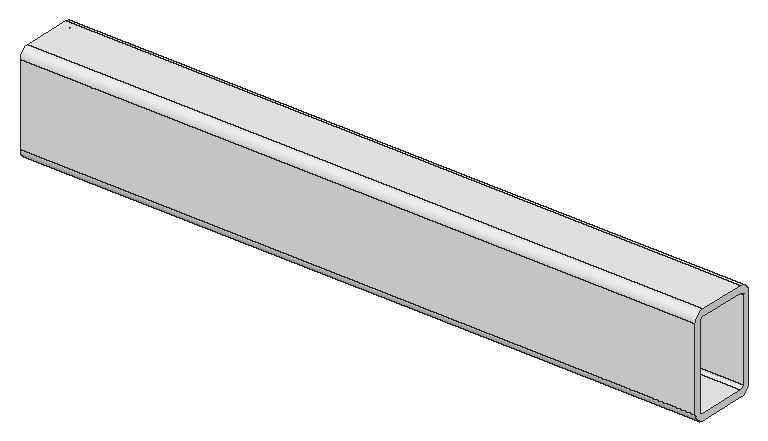
Revit family "CRV - Cortes retangulares vazados (sem emenda)", category Quadro estrutural, Revit 2019 (continued)
Types in the file's own list only (651): name | ro | t | ri | W | d | b | A
  RHS 260x180x8.8 | 13 mm | 9 mm | 4 mm | 0.05736 | 260 mm | 180 mm | 0.00 m²
  RHS 260x180x9.5 | 14 mm | 10 mm | 5 mm | 0.06176 | 260 mm | 180 mm | 0.00 m²
  RHS 260x180x10.3 | 15 mm | 10 mm | 5 mm | 0.06675 | 260 mm | 180 mm | 0.00 m²
  RHS 260x180x11.1 | 17 mm | 11 mm | 6 mm | 0.07172 | 260 mm | 180 mm | 0.00 m²
  RHS 260x180x12.7 | 19 mm | 13 mm | 6 mm | 0.08156 | 260 mm | 180 mm | 0.00 m²
  RHS 260x220x7.1 | 11 mm | 7 mm | 4 mm | 0.05102 | 260 mm | 220 mm | 0.00 m²
  RHS 260x220x8.2 | 12 mm | 8 mm | 4 mm | 0.0587 | 260 mm | 220 mm | 0.00 m²
  RHS 260x220x8.8 | 13 mm | 9 mm | 4 mm | 0.06287 | 260 mm | 220 mm | 0.00 m²
  RHS 260x220x9.5 | 14 mm | 10 mm | 5 mm | 0.06771 | 260 mm | 220 mm | 0.00 m²
  RHS 260x220x10.3 | 15 mm | 10 mm | 5 mm | 0.0732 | 260 mm | 220 mm | 0.00 m²
  RHS 260x220x11.1 | 17 mm | 11 mm | 6 mm | 0.07867 | 260 mm | 220 mm | 0.00 m²
  RHS 260x220x12.7 | 19 mm | 13 mm | 6 mm | 0.08951 | 260 mm | 220 mm | 0.00 m²
  RHS 280x160x7.1 | 11 mm | 7 mm | 4 mm | 0.04657 | 280 mm | 160 mm | 0.00 m²
  RHS 280x160x8.2 | 12 mm | 8 mm | 4 mm | 0.05357 | 280 mm | 160 mm | 0.00 m²
  RHS 280x160x8.8 | 13 mm | 9 mm | 4 mm | 0.05736 | 280 mm | 160 mm | 0.00 m²
  RHS 280x160x9.5 | 14 mm | 10 mm | 5 mm | 0.06176 | 280 mm | 160 mm | 0.00 m²
  RHS 280x160x10.3 | 15 mm | 10 mm | 5 mm | 0.06675 | 280 mm | 160 mm | 0.00 m²
  RHS 280x160x11.1 | 17 mm | 11 mm | 6 mm | 0.07172 | 280 mm | 160 mm | 0.00 m²
  RHS 280x160x12.7 | 19 mm | 13 mm | 6 mm | 0.08156 | 280 mm | 160 mm | 0.00 m²
  RHS 280x200x7.1 | 11 mm | 7 mm | 4 mm | 0.05102 | 280 mm | 200 mm | 0.00 m²
  RHS 280x200x8.2 | 12 mm | 8 mm | 4 mm | 0.0587 | 280 mm | 200 mm | 0.00 m²
  RHS 280x200x8.8 | 13 mm | 9 mm | 4 mm | 0.06287 | 280 mm | 200 mm | 0.00 m²
  RHS 280x200x9.5 | 14 mm | 10 mm | 5 mm | 0.06771 | 280 mm | 200 mm | 0.00 m²
  RHS 280x200x10.3 | 15 mm | 10 mm | 5 mm | 0.0732 | 280 mm | 200 mm | 0.00 m²
  RHS 280x200x11.1 | 17 mm | 11 mm | 6 mm | 0.07867 | 280 mm | 200 mm | 0.00 m²
  RHS 280x200x12.7 | 19 mm | 13 mm | 6 mm | 0.08951 | 280 mm | 200 mm | 0.00 m²
  RHS 280x240x7.1 | 11 mm | 7 mm | 4 mm | 0.05531 | 280 mm | 240 mm | 0.00 m²
  RHS 280x240x8.2 | 12 mm | 8 mm | 4 mm | 0.06366 | 280 mm | 240 mm | 0.00 m²
  RHS 280x240x8.8 | 13 mm | 9 mm | 4 mm | 0.06819 | 280 mm | 240 mm | 0.00 m²
  RHS 280x240x9.5 | 14 mm | 10 mm | 5 mm | 0.07345 | 280 mm | 240 mm | 0.00 m²
  RHS 280x240x10.3 | 15 mm | 10 mm | 5 mm | 0.07943 | 280 mm | 240 mm | 0.00 m²
  RHS 280x240x11.1 | 17 mm | 11 mm | 6 mm | 0.08538 | 280 mm | 240 mm | 0.00 m²
  RHS 280x240x12.7 | 19 mm | 13 mm | 6 mm | 0.09718 | 280 mm | 240 mm | 0.00 m²
  RHS 290x150x7.1 | 11 mm | 7 mm | 4 mm | 0.04657 | 290 mm | 150 mm | 0.00 m²
  RHS 290x150x8.2 | 12 mm | 8 mm | 4 mm | 0.05357 | 290 mm | 150 mm | 0.00 m²
  RHS 290x150x8.8 | 13 mm | 9 mm | 4 mm | 0.05736 | 290 mm | 150 mm | 0.00 m²
  RHS 290x150x9.5 | 14 mm | 10 mm | 5 mm | 0.06176 | 290 mm | 150 mm | 0.00 m²
  RHS 290x150x10.3 | 15 mm | 10 mm | 5 mm | 0.06675 | 290 mm | 150 mm | 0.00 m²
  RHS 290x150x11.1 | 17 mm | 11 mm | 6 mm | 0.07172 | 290 mm | 150 mm | 0.00 m²
  RHS 290x150x12.7 | 19 mm | 13 mm | 6 mm | 0.08156 | 290 mm | 150 mm | 0.00 m²
  RHS 290x190x7.1 | 11 mm | 7 mm | 4 mm | 0.05102 | 290 mm | 190 mm | 0.00 m²
  RHS 290x190x8.2 | 12 mm | 8 mm | 4 mm | 0.0587 | 290 mm | 190 mm | 0.00 m²
  RHS 290x190x8.8 | 13 mm | 9 mm | 4 mm | 0.06287 | 290 mm | 190 mm | 0.00 m²
  RHS 290x190x9.5 | 14 mm | 10 mm | 5 mm | 0.06771 | 290 mm | 190 mm | 0.00 m²
  RHS 290x190x10.3 | 15 mm | 10 mm | 5 mm | 0.0732 | 290 mm | 190 mm | 0.00 m²
  RHS 290x190x11.1 | 17 mm | 11 mm | 6 mm | 0.07867 | 290 mm | 190 mm | 0.00 m²
  RHS 290x190x12.7 | 19 mm | 13 mm | 6 mm | 0.08951 | 290 mm | 190 mm | 0.00 m²
  RHS 290x230x7.1 | 11 mm | 7 mm | 4 mm | 0.05545 | 290 mm | 230 mm | 0.00 m²
  RHS 290x230x8.2 | 12 mm | 8 mm | 4 mm | 0.06382 | 290 mm | 230 mm | 0.00 m²
  RHS 290x230x8.8 | 13 mm | 9 mm | 4 mm | 0.06836 | 290 mm | 230 mm | 0.00 m²
  RHS 290x230x9.5 | 14 mm | 10 mm | 5 mm | 0.07363 | 290 mm | 230 mm | 0.00 m²
  RHS 290x230x10.3 | 15 mm | 10 mm | 5 mm | 0.07963 | 290 mm | 230 mm | 0.00 m²
  RHS 290x230x11.1 | 17 mm | 11 mm | 6 mm | 0.0856 | 290 mm | 230 mm | 0.00 m²
  RHS 290x230x12.7 | 19 mm | 13 mm | 6 mm | 0.09743 | 290 mm | 230 mm | 0.00 m²
  RHS 300x180x7.1 | 11 mm | 7 mm | 4 mm | 0.05102 | 300 mm | 180 mm | 0.00 m²
  RHS 300x180x8.2 | 12 mm | 8 mm | 4 mm | 0.0587 | 300 mm | 180 mm | 0.00 m²
  RHS 300x180x8.8 | 13 mm | 9 mm | 4 mm | 0.06287 | 300 mm | 180 mm | 0.00 m²
  RHS 300x180x9.5 | 14 mm | 10 mm | 5 mm | 0.06771 | 300 mm | 180 mm | 0.00 m²
  RHS 300x180x10.3 | 15 mm | 10 mm | 5 mm | 0.0732 | 300 mm | 180 mm | 0.00 m²
  RHS 300x180x11.1 | 17 mm | 11 mm | 6 mm | 0.07867 | 300 mm | 180 mm | 0.00 m²
  RHS 300x180x12.7 | 19 mm | 13 mm | 6 mm | 0.08951 | 300 mm | 180 mm | 0.00 m²
  RHS 300x220x7.1 | 11 mm | 7 mm | 4 mm | 0.05545 | 300 mm | 220 mm | 0.00 m²
  RHS 300x220x8.2 | 12 mm | 8 mm | 4 mm | 0.06382 | 300 mm | 220 mm | 0.00 m²
  RHS 300x220x8.8 | 13 mm | 9 mm | 4 mm | 0.06836 | 300 mm | 220 mm | 0.00 m²
  RHS 300x220x9.5 | 14 mm | 10 mm | 5 mm | 0.07363 | 300 mm | 220 mm | 0.00 m²
  RHS 300x220x10.3 | 15 mm | 10 mm | 5 mm | 0.07963 | 300 mm | 220 mm | 0.00 m²
  RHS 300x220x11.1 | 17 mm | 11 mm | 6 mm | 0.0856 | 300 mm | 220 mm | 0.00 m²
  RHS 300x220x12.7 | 19 mm | 13 mm | 6 mm | 0.09743 | 300 mm | 220 mm | 0.00 m²
  RHS 300x240x8.2 | 12 mm | 8 mm | 4 mm | 0.06704 | 300 mm | 240 mm | 0.00 m²
  RHS 300x240x8.8 | 13 mm | 9 mm | 4 mm | 0.07181 | 300 mm | 240 mm | 0.00 m²
  RHS 300x240x9.5 | 14 mm | 10 mm | 5 mm | 0.07736 | 300 mm | 240 mm | 0.00 m²
  RHS 300x240x10.3 | 15 mm | 10 mm | 5 mm | 0.08367 | 300 mm | 240 mm | 0.00 m²
  RHS 300x240x11.1 | 17 mm | 11 mm | 6 mm | 0.08995 | 300 mm | 240 mm | 0.00 m²
  RHS 300x240x12.7 | 19 mm | 13 mm | 6 mm | 0.10241 | 300 mm | 240 mm | 0.00 m²
  RHS 310x170x7.1 | 11 mm | 7 mm | 4 mm | 0.05102 | 310 mm | 170 mm | 0.00 m²
  RHS 310x170x8.2 | 12 mm | 8 mm | 4 mm | 0.0587 | 310 mm | 170 mm | 0.00 m²
  RHS 310x170x8.8 | 13 mm | 9 mm | 4 mm | 0.06287 | 310 mm | 170 mm | 0.00 m²
  RHS 310x170x9.5 | 14 mm | 10 mm | 5 mm | 0.06771 | 310 mm | 170 mm | 0.00 m²
  RHS 310x170x10.3 | 15 mm | 10 mm | 5 mm | 0.0732 | 310 mm | 170 mm | 0.00 m²
  RHS 310x170x11.1 | 17 mm | 11 mm | 6 mm | 0.07867 | 310 mm | 170 mm | 0.00 m²
  RHS 310x170x12.7 | 19 mm | 13 mm | 6 mm | 0.08951 | 310 mm | 170 mm | 0.00 m²
  RHS 310x210x7.1 | 11 mm | 7 mm | 4 mm | 0.05545 | 310 mm | 210 mm | 0.00 m²
  RHS 310x210x8.2 | 12 mm | 8 mm | 4 mm | 0.06382 | 310 mm | 210 mm | 0.00 m²
  RHS 310x210x8.8 | 13 mm | 9 mm | 4 mm | 0.06836 | 310 mm | 210 mm | 0.00 m²
  RHS 310x210x9.5 | 14 mm | 10 mm | 5 mm | 0.07363 | 310 mm | 210 mm | 0.00 m²
  RHS 310x210x10.3 | 15 mm | 10 mm | 5 mm | 0.07963 | 310 mm | 210 mm | 0.00 m²
  RHS 310x210x11.1 | 17 mm | 11 mm | 6 mm | 0.0856 | 310 mm | 210 mm | 0.00 m²
  RHS 310x210x12.7 | 19 mm | 13 mm | 6 mm | 0.09743 | 310 mm | 210 mm | 0.00 m²
  RHS 310x230x8.2 | 12 mm | 8 mm | 4 mm | 0.06704 | 310 mm | 230 mm | 0.00 m²
  RHS 310x230x8.8 | 13 mm | 9 mm | 4 mm | 0.07181 | 310 mm | 230 mm | 0.00 m²
  RHS 310x230x9.5 | 14 mm | 10 mm | 5 mm | 0.07736 | 310 mm | 230 mm | 0.00 m²
  RHS 310x230x10.3 | 15 mm | 10 mm | 5 mm | 0.08367 | 310 mm | 230 mm | 0.00 m²
  RHS 310x230x11.1 | 17 mm | 11 mm | 6 mm | 0.08995 | 310 mm | 230 mm | 0.00 m²
  RHS 310x230x12.7 | 19 mm | 13 mm | 6 mm | 0.10241 | 310 mm | 230 mm | 0.00 m²
  RHS 320x200x7.1 | 11 mm | 7 mm | 4 mm | 0.05545 | 320 mm | 200 mm | 0.00 m²
  RHS 320x200x8.2 | 12 mm | 8 mm | 4 mm | 0.06382 | 320 mm | 200 mm | 0.00 m²
  RHS 320x200x8.8 | 13 mm | 9 mm | 4 mm | 0.06836 | 320 mm | 200 mm | 0.00 m²
  RHS 320x200x9.5 | 14 mm | 10 mm | 5 mm | 0.07363 | 320 mm | 200 mm | 0.00 m²
  RHS 320x200x10.3 | 15 mm | 10 mm | 5 mm | 0.07963 | 320 mm | 200 mm | 0.00 m²
  RHS 320x200x11.1 | 17 mm | 11 mm | 6 mm | 0.0856 | 320 mm | 200 mm | 0.00 m²
  RHS 320x200x12.7 | 19 mm | 13 mm | 6 mm | 0.09743 | 320 mm | 200 mm | 0.00 m²
  RHS 320x220x8.2 | 12 mm | 8 mm | 4 mm | 0.06704 | 320 mm | 220 mm | 0.00 m²
  RHS 320x220x8.8 | 13 mm | 9 mm | 4 mm | 0.07181 | 320 mm | 220 mm | 0.00 m²
  RHS 320x220x9.5 | 14 mm | 10 mm | 5 mm | 0.07736 | 320 mm | 220 mm | 0.00 m²
  RHS 320x220x10.3 | 15 mm | 10 mm | 5 mm | 0.08367 | 320 mm | 220 mm | 0.00 m²
  RHS 320x220x11.1 | 17 mm | 11 mm | 6 mm | 0.08995 | 320 mm | 220 mm | 0.00 m²
  RHS 320x220x12.7 | 19 mm | 13 mm | 6 mm | 0.10241 | 320 mm | 220 mm | 0.00 m²
  RHS 320x250x7.1 | 11 mm | 7 mm | 4 mm | 0.06102 | 320 mm | 250 mm | 0.00 m²
  RHS 320x250x8.2 | 12 mm | 8 mm | 4 mm | 0.07025 | 320 mm | 250 mm | 0.00 m²
  RHS 320x250x8.8 | 13 mm | 9 mm | 4 mm | 0.07526 | 320 mm | 250 mm | 0.00 m²
  RHS 320x250x9.5 | 14 mm | 10 mm | 5 mm | 0.08108 | 320 mm | 250 mm | 0.00 m²
  RHS 320x250x10.3 | 15 mm | 10 mm | 5 mm | 0.08771 | 320 mm | 250 mm | 0.00 m²
  RHS 320x250x11.1 | 17 mm | 11 mm | 6 mm | 0.0943 | 320 mm | 250 mm | 0.00 m²
  RHS 320x250x12.7 | 19 mm | 13 mm | 6 mm | 0.10739 | 320 mm | 250 mm | 0.00 m²
  RHS 330x190x7.1 | 11 mm | 7 mm | 4 mm | 0.05545 | 330 mm | 190 mm | 0.00 m²
  RHS 330x190x8.2 | 12 mm | 8 mm | 4 mm | 0.06382 | 330 mm | 190 mm | 0.00 m²
  RHS 330x190x8.8 | 13 mm | 9 mm | 4 mm | 0.06836 | 330 mm | 190 mm | 0.00 m²
  RHS 330x190x9.5 | 14 mm | 10 mm | 5 mm | 0.07363 | 330 mm | 190 mm | 0.00 m²
  RHS 330x190x10.3 | 15 mm | 10 mm | 5 mm | 0.07963 | 330 mm | 190 mm | 0.00 m²
  RHS 330x190x11.1 | 17 mm | 11 mm | 6 mm | 0.0856 | 330 mm | 190 mm | 0.00 m²
  RHS 330x190x12.7 | 19 mm | 13 mm | 6 mm | 0.09743 | 330 mm | 190 mm | 0.00 m²
  RHS 330x210x8.2 | 12 mm | 8 mm | 4 mm | 0.06689 | 330 mm | 210 mm | 0.00 m²
  RHS 330x210x8.8 | 13 mm | 9 mm | 4 mm | 0.07166 | 330 mm | 210 mm | 0.00 m²
  RHS 330x210x9.5 | 14 mm | 10 mm | 5 mm | 0.07719 | 330 mm | 210 mm | 0.00 m²
  RHS 330x210x10.3 | 15 mm | 10 mm | 5 mm | 0.08349 | 330 mm | 210 mm | 0.00 m²
  RHS 330x210x11.1 | 17 mm | 11 mm | 6 mm | 0.08976 | 330 mm | 210 mm | 0.00 m²
  RHS 330x210x12.7 | 19 mm | 13 mm | 6 mm | 0.1022 | 330 mm | 210 mm | 0.00 m²
  RHS 330x240x8.2 | 12 mm | 8 mm | 4 mm | 0.07025 | 330 mm | 240 mm | 0.00 m²
  RHS 330x240x8.8 | 13 mm | 9 mm | 4 mm | 0.07526 | 330 mm | 240 mm | 0.00 m²
  RHS 330x240x9.5 | 14 mm | 10 mm | 5 mm | 0.08108 | 330 mm | 240 mm | 0.00 m²
  RHS 330x240x10.3 | 15 mm | 10 mm | 5 mm | 0.08771 | 330 mm | 240 mm | 0.00 m²
  RHS 330x240x11.1 | 17 mm | 11 mm | 6 mm | 0.0943 | 330 mm | 240 mm | 0.00 m²
  RHS 330x240x12.7 | 19 mm | 13 mm | 6 mm | 0.10739 | 330 mm | 240 mm | 0.00 m²
  RHS 340x200x8.2 | 12 mm | 8 mm | 4 mm | 0.06704 | 340 mm | 200 mm | 0.00 m²
  RHS 340x200x8.8 | 13 mm | 9 mm | 4 mm | 0.07181 | 340 mm | 200 mm | 0.00 m²
  RHS 340x200x9.5 | 14 mm | 10 mm | 5 mm | 0.07736 | 340 mm | 200 mm | 0.00 m²
  RHS 340x200x10.3 | 15 mm | 10 mm | 5 mm | 0.08367 | 340 mm | 200 mm | 0.00 m²
  RHS 340x200x11.1 | 17 mm | 11 mm | 6 mm | 0.08995 | 340 mm | 200 mm | 0.00 m²
  RHS 340x200x12.7 | 19 mm | 13 mm | 6 mm | 0.10241 | 340 mm | 200 mm | 0.00 m²
  RHS 340x230x8.2 | 12 mm | 8 mm | 4 mm | 0.07025 | 340 mm | 230 mm | 0.00 m²
  RHS 340x230x8.8 | 13 mm | 9 mm | 4 mm | 0.07526 | 340 mm | 230 mm | 0.00 m²
  RHS 340x230x9.5 | 14 mm | 10 mm | 5 mm | 0.08108 | 340 mm | 230 mm | 0.00 m²
  RHS 340x230x10.3 | 15 mm | 10 mm | 5 mm | 0.08771 | 340 mm | 230 mm | 0.00 m²
  RHS 340x230x11.1 | 17 mm | 11 mm | 6 mm | 0.0943 | 340 mm | 230 mm | 0.00 m²
  RHS 340x230x12.7 | 19 mm | 13 mm | 6 mm | 0.10739 | 340 mm | 230 mm | 0.00 m²
  RHS 350x190x8.2 | 12 mm | 8 mm | 4 mm | 0.06704 | 350 mm | 190 mm | 0.00 m²
  RHS 350x190x8.8 | 13 mm | 9 mm | 4 mm | 0.07181 | 350 mm | 190 mm | 0.00 m²
  RHS 350x190x9.5 | 14 mm | 10 mm | 5 mm | 0.07736 | 350 mm | 190 mm | 0.00 m²
  RHS 350x190x10.3 | 15 mm | 10 mm | 5 mm | 0.08367 | 350 mm | 190 mm | 0.00 m²
  RHS 350x190x11.1 | 17 mm | 11 mm | 6 mm | 0.08995 | 350 mm | 190 mm | 0.00 m²
  RHS 350x190x12.7 | 19 mm | 13 mm | 6 mm | 0.10241 | 350 mm | 190 mm | 0.00 m²
  RHS 350x220x8.2 | 12 mm | 8 mm | 4 mm | 0.07025 | 350 mm | 220 mm | 0.00 m²
  RHS 350x220x8.8 | 13 mm | 9 mm | 4 mm | 0.07526 | 350 mm | 220 mm | 0.00 m²
  RHS 350x220x9.5 | 14 mm | 10 mm | 5 mm | 0.08108 | 350 mm | 220 mm | 0.00 m²
  RHS 350x220x10.3 | 15 mm | 10 mm | 5 mm | 0.08771 | 350 mm | 220 mm | 0.00 m²
  RHS 350x220x11.1 | 17 mm | 11 mm | 6 mm | 0.0943 | 350 mm | 220 mm | 0.00 m²
  RHS 350x220x12.7 | 19 mm | 13 mm | 6 mm | 0.10739 | 350 mm | 220 mm | 0.00 m²
  RHS 360x210x8.2 | 12 mm | 8 mm | 4 mm | 0.07025 | 360 mm | 210 mm | 0.00 m²
  RHS 360x210x8.8 | 13 mm | 9 mm | 4 mm | 0.07526 | 360 mm | 210 mm | 0.00 m²
  RHS 360x210x9.5 | 14 mm | 10 mm | 5 mm | 0.08108 | 360 mm | 210 mm | 0.00 m²
  RHS 360x210x10.3 | 15 mm | 10 mm | 5 mm | 0.08771 | 360 mm | 210 mm | 0.00 m²
  RHS 360x210x11.1 | 17 mm | 11 mm | 6 mm | 0.0943 | 360 mm | 210 mm | 0.00 m²
  RHS 360x210x12.7 | 19 mm | 13 mm | 6 mm | 0.10739 | 360 mm | 210 mm | 0.00 m²
